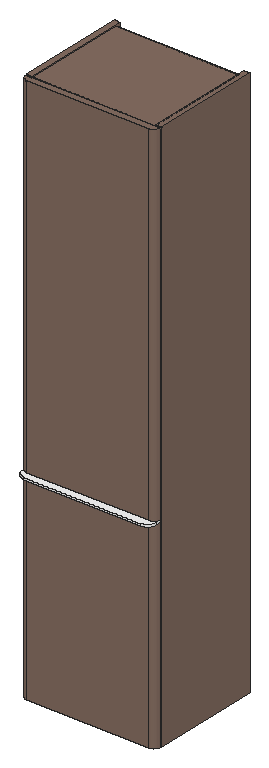
Revit family "tall cabinet, door hinge", category Furniture, Revit 2019
Family settings
  OmniClass Number = 23.21.19.15.33.13
  Work Plane-Based = No
  Always vertical = Yes
  Cut with Voids When Loaded = No
  Shared = Yes
  Room Calculation Point = No
Parameters (values of type "Tall cabinet 400_350, door hinge right-54142700-Dark Walnut-MATT_WHITE-400")
  etim7_EC011381 = "EC011381"
  WEIGHT = "36.9"
  UNSPSC = "56 | Furniture and Furnishings"
  UNIFORMATII = "E2010 | Fixed Furnishings"
  UNICLASS_2015_CODE = "40_30_78_05"
  UNICLASS2015 = "Pr_40_30_78_05 | Bathroom furniture"
  Tall cabinet 400_350, door hinge right-54142700-Dark Walnut-MATT_WHITE-400_RX0RY0RZ0TX0TY0TZ0_V = yes
  Tall cabinet 400_350, door hinge right-54142700-Dark Walnut-MATT_WHITE-200_RX0RY0RZ0TX0TY0TZ0_V = no
  Tall cabinet 400_350, door hinge right-54142670-Dark Walnut-MATT_BLACK-400_RX0RY0RZ0TX0TY0TZ0_V = no
  Tall cabinet 400_350, door hinge right-54142670-Dark Walnut-MATT_BLACK-200_RX0RY0RZ0TX0TY0TZ0_V = no
  Tall cabinet 400_350, door hinge right-54142000-Dark Walnut-CHROME-400_RX0RY0RZ0TX0TY0TZ0_V = no
  Tall cabinet 400_350, door hinge right-54142000-Dark Walnut-CHROME-200_RX0RY0RZ0TX0TY0TZ0_V = no
  Tall cabinet 400_350, door hinge right-54141700-Natural Oak-MATT_WHITE-400_RX0RY0RZ0TX0TY0TZ0_V = no
  Tall cabinet 400_350, door hinge right-54141700-Natural Oak-MATT_WHITE-200_RX0RY0RZ0TX0TY0TZ0_V = no
  Tall cabinet 400_350, door hinge right-54141670-Natural Oak-MATT_BLACK-400_RX0RY0RZ0TX0TY0TZ0_V = no
  Tall cabinet 400_350, door hinge right-54141670-Natural Oak-MATT_BLACK-200_RX0RY0RZ0TX0TY0TZ0_V = no
  Tall cabinet 400_350, door hinge right-54141000-Natural Oak-CHROME-400_RX0RY0RZ0TX0TY0TZ0_V = no
  Tall cabinet 400_350, door hinge right-54141000-Natural Oak-CHROME-200_RX0RY0RZ0TX0TY0TZ0_V = no
  Tall cabinet 400_350, door hinge right-54140700-Diamond Matt Grey-MATT_WHITE-400_RX0RY0RZ0TX0TY0TZ0_V = no
  Tall cabinet 400_350, door hinge right-54140700-Diamond Matt Grey-MATT_WHITE-200_RX0RY0RZ0TX0TY0TZ0_V = no
  Tall cabinet 400_350, door hinge right-54140670-Diamond Matt Grey-MATT_BLACK-400_RX0RY0RZ0TX0TY0TZ0_V = no
  Tall cabinet 400_350, door hinge right-54140670-Diamond Matt Grey-MATT_BLACK-200_RX0RY0RZ0TX0TY0TZ0_V = no
  Tall cabinet 400_350, door hinge right-54140000-Diamond Matt Grey-CHROME-400_RX0RY0RZ0TX0TY0TZ0_V = no
  Tall cabinet 400_350, door hinge right-54140000-Diamond Matt Grey-CHROME-200_RX0RY0RZ0TX0TY0TZ0_V = no
  Tall cabinet 400_350, door hinge right-54139700-High Gloss White-MATT_WHITE-400_RX0RY0RZ0TX0TY0TZ0_V = no
  Tall cabinet 400_350, door hinge right-54139700-High Gloss White-MATT_WHITE-200_RX0RY0RZ0TX0TY0TZ0_V = no
  Tall cabinet 400_350, door hinge right-54139670-High Gloss White-MATT_BLACK-400_RX0RY0RZ0TX0TY0TZ0_V = no
  Tall cabinet 400_350, door hinge right-54139670-High Gloss White-MATT_BLACK-200_RX0RY0RZ0TX0TY0TZ0_V = no
  Tall cabinet 400_350, door hinge right-54139000-High Gloss White-CHROME-400_RX0RY0RZ0TX0TY0TZ0_V = no
  Tall cabinet 400_350, door hinge right-54139000-High Gloss White-CHROME-200_RX0RY0RZ0TX0TY0TZ0_V = no
  Tall cabinet 400_350, door hinge left-54138700-Dark Walnut-MATT_WHITE-400_RX0RY0RZ0TX0TY0TZ0_V = no
  Tall cabinet 400_350, door hinge left-54138700-Dark Walnut-MATT_WHITE-200_RX0RY0RZ0TX0TY0TZ0_V = no
  Tall cabinet 400_350, door hinge left-54138670-Dark Walnut-MATT_BLACK-400_RX0RY0RZ0TX0TY0TZ0_V = no
  Tall cabinet 400_350, door hinge left-54138670-Dark Walnut-MATT_BLACK-200_RX0RY0RZ0TX0TY0TZ0_V = no
  Tall cabinet 400_350, door hinge left-54138000-Dark Walnut-CHROME-400_RX0RY0RZ0TX0TY0TZ0_V = no
  Tall cabinet 400_350, door hinge left-54138000-Dark Walnut-CHROME-200_RX0RY0RZ0TX0TY0TZ0_V = no
  Tall cabinet 400_350, door hinge left-54137700-Natural Oak-MATT_WHITE-400_RX0RY0RZ0TX0TY0TZ0_V = no
  Tall cabinet 400_350, door hinge left-54137700-Natural Oak-MATT_WHITE-200_RX0RY0RZ0TX0TY0TZ0_V = no
  Tall cabinet 400_350, door hinge left-54137670-Natural Oak-MATT_BLACK-400_RX0RY0RZ0TX0TY0TZ0_V = no
  Tall cabinet 400_350, door hinge left-54137670-Natural Oak-MATT_BLACK-200_RX0RY0RZ0TX0TY0TZ0_V = no
  Tall cabinet 400_350, door hinge left-54137000-Natural Oak-CHROME-400_RX0RY0RZ0TX0TY0TZ0_V = no
  Tall cabinet 400_350, door hinge left-54137000-Natural Oak-CHROME-200_RX0RY0RZ0TX0TY0TZ0_V = no
  Tall cabinet 400_350, door hinge left-54136700-Diamond Matt Grey-MATT_WHITE-400_RX0RY0RZ0TX0TY0TZ0_V = no
  Tall cabinet 400_350, door hinge left-54136700-Diamond Matt Grey-MATT_WHITE-200_RX0RY0RZ0TX0TY0TZ0_V = no
  Tall cabinet 400_350, door hinge left-54136670-Diamond Matt Grey-MATT_BLACK-400_RX0RY0RZ0TX0TY0TZ0_V = no
  Tall cabinet 400_350, door hinge left-54136670-Diamond Matt Grey-MATT_BLACK-200_RX0RY0RZ0TX0TY0TZ0_V = no
  Tall cabinet 400_350, door hinge left-54136000-Diamond Matt Grey-CHROME-400_RX0RY0RZ0TX0TY0TZ0_V = no
  Tall cabinet 400_350, door hinge left-54136000-Diamond Matt Grey-CHROME-200_RX0RY0RZ0TX0TY0TZ0_V = no
  Tall cabinet 400_350, door hinge left-54135700-High Gloss White-MATT_WHITE-400_RX0RY0RZ0TX0TY0TZ0_V = no
  Tall cabinet 400_350, door hinge left-54135700-High Gloss White-MATT_WHITE-200_RX0RY0RZ0TX0TY0TZ0_V = no
  Tall cabinet 400_350, door hinge left-54135670-High Gloss White-MATT_BLACK-400_RX0RY0RZ0TX0TY0TZ0_V = no
  Tall cabinet 400_350, door hinge left-54135670-High Gloss White-MATT_BLACK-200_RX0RY0RZ0TX0TY0TZ0_V = no
  Tall cabinet 400_350, door hinge left-54135000-High Gloss White-CHROME-400_RX0RY0RZ0TX0TY0TZ0_V = no
  Tall cabinet 400_350, door hinge left-54135000-High Gloss White-CHROME-200_RX0RY0RZ0TX0TY0TZ0_V = no
  SURFACE = "MATT_WHITE"
  SPECIFICATION = "Surfaces:    - 54141000 Chrome  - 54141670 Matt Black  - 54141700 Matt White      Specification:"
  REGIONSET = "Worldwide"
  PRODUCTURL = "https://pro.hansgrohe.com/articledetail--54141000"
  PRODUCTGROUP = "bathroom vanity"
  PRODUCTFAMILY = "Xelu Q"
  PERMALINK = "54141XXX"
  OMNICLASS = "23-21 19 15 33 13 | Residential Bathroom Specialty Casework"
  OBJECTTYPE = "Object (single object)"
  OBERFLAECHE = "Dark Walnut"
  NN = "Tall cabinet, door hinge"
  NBSYN = "$BASENUMBER.-$ARTNR.-$OBERFLAECHE.-$SURFACE.-$LODLEVEL."
  NB = "Tall cabinet 400/350, door hinge right-54142700-Dark Walnut-MATT_WHITE-400"
  NAME = "Xelu Q Tall cabinet Natural Oak 400/350, door hinge right"
  Model = "Tall cabinet 400/350, door hinge right-54142700-Dark Walnut-MATT_WHITE-400"
  Manufacturer = "Hansgrohe"
  MIdent = "{$CADENAS_DATA/23d-libs/hansgrohe/xelu_furniture/tall_cabinet_door_hinge/tall_cabinet_door_hinge.prj},315 {VTYP=3D},{NB=Tall cabinet 400/350, door hinge right-54142700-Dark Walnut-MATT_WHITE-400},{LINA=Tall cabinet 400/350, door hinge right-54142700-Dark Walnut-MATT_WHITE-400},{NN=Tall cabinet, door hinge},{DATE=08.03.2023 13:45:00},{GEOMDATE=08.03.2023 13:44:17},{VERSION=},{LINEID=240},{WBVAR=LODLEVEL},{WBNUMERIC=}  {NB=Tall cabinet 400/350, door hinge right-54142700-Dark Walnut-MATT_WHITE-400},{LINA=Tall cabinet 400/350, door hinge right-54142700-Dark Walnut-MATT_WHITE-400},{KT=DUMMY},{IDNR=24},{ARTNR=54142700},{BASENUMBER=Tall cabinet 400/350, door hinge right},{MODEL=54142XXX},{OBERFLAECHE=Dark Walnut},{SURFACE=MATT_WHITE},{L=400},{LODLEVEL=400},{LODLEVELX='400','400','200','200'},{NAME=Xelu Q Tall cabinet Natural Oak 400/350, door hinge right},{PERMALINK=54141XXX},{OBJECTTYPE=Object (single object)},{BIMOBJECT=Sanitary: Compound units},{PRODUCTFAMILY=Xelu Q},{PRODUCTGROUP=bathroom vanity},{WEIGHT=36.9},{DESCRIPTION=Xelu Q Tall cabinet Natural Oak 400/350, door hinge right},{SPECIFICATION=Surfaces:    - 54141000 Chrome  - 54141670 Matt Black  - 54141700 Matt White      Specification:},{PRODUCTURL=https://pro.hansgrohe.com/articledetail--54141000},{GTINCODE=4059625458556},{TENDERURL=},{IFC=Furnishing element},{ETIM=EC011381 | Bathroom furniture set},{UNICLASS2015=Pr_40_30_78_05 | Bathroom furniture},{OMNICLASS=23-21 19 15 33 13 | Residential Bathroom Specialty Casework},{MASTERFORMAT=12 35 30.23 | Bathroom Casework},{UNSPSC=56 | Furniture and Furnishings},{UNIFORMATII=E2010 | Fixed Furnishings},{REGIONSET=Worldwide},{DESIGN=Germany},{MANUFACTURER=Germany}"
  MASTERFORMAT = "12 35 30.23 | Bathroom Casework"
  LODLEVEL = "400"
  LINA = "Tall cabinet 400/350, door hinge right-54142700-Dark Walnut-MATT_WHITE-400"
  L = 400
  IFC = "Furnishing element"
  GTINCODE = "4059625458556"
  ETIM = "EC011381 | Bathroom furniture set"
  DESIGN = "Germany"
  CATALOG = "Hansgrohe"
  BIMOBJECT = "Sanitary: Compound units"
  BASENUMBER = "Tall cabinet 400/350, door hinge right"
  ARTNR = "54142700"
Reference planes
  plane 1 "Center (Front/Back)": y = 0
  plane 2: z = 0
  plane 3 "Center (Left/Right)": x = 0
Dimensions and locks
  aligned and locked: level to plane 2
Nested families
  nested 1: "tall cabinet 400_350, door hinge left-54135000-high gloss white-chrome-200_content" at (0, 0, 0), visible <- "Tall cabinet 400_350, door hinge left-54135000-High Gloss White-CHROME-200_RX0RY0RZ0TX0TY0TZ0_V", ContentVisible <- "Tall cabinet 400_350, door hinge left-54135000-High Gloss White-CHROME-200_RX0RY0RZ0TX0TY0TZ0_V", type ""
    with ContentVisible no
  nested 2: "tall cabinet 400_350, door hinge left-54135000-high gloss white-chrome-400_content" at (0, 0, 0), visible <- "Tall cabinet 400_350, door hinge left-54135000-High Gloss White-CHROME-400_RX0RY0RZ0TX0TY0TZ0_V", ContentVisible <- "Tall cabinet 400_350, door hinge left-54135000-High Gloss White-CHROME-400_RX0RY0RZ0TX0TY0TZ0_V", type ""
    with ContentVisible no
  nested 3: "tall cabinet 400_350, door hinge left-54135670-high gloss white-matt_black-200_content" at (0, 0, 0), visible <- "Tall cabinet 400_350, door hinge left-54135670-High Gloss White-MATT_BLACK-200_RX0RY0RZ0TX0TY0TZ0_V", ContentVisible <- "Tall cabinet 400_350, door hinge left-54135670-High Gloss White-MATT_BLACK-200_RX0RY0RZ0TX0TY0TZ0_V", type ""
    with ContentVisible no
  nested 4: "tall cabinet 400_350, door hinge left-54135670-high gloss white-matt_black-400_content" at (0, 0, 0), visible <- "Tall cabinet 400_350, door hinge left-54135670-High Gloss White-MATT_BLACK-400_RX0RY0RZ0TX0TY0TZ0_V", ContentVisible <- "Tall cabinet 400_350, door hinge left-54135670-High Gloss White-MATT_BLACK-400_RX0RY0RZ0TX0TY0TZ0_V", type ""
    with ContentVisible no
  nested 5: "tall cabinet 400_350, door hinge left-54135700-high gloss white-matt_white-200_content" at (0, 0, 0), visible <- "Tall cabinet 400_350, door hinge left-54135700-High Gloss White-MATT_WHITE-200_RX0RY0RZ0TX0TY0TZ0_V", ContentVisible <- "Tall cabinet 400_350, door hinge left-54135700-High Gloss White-MATT_WHITE-200_RX0RY0RZ0TX0TY0TZ0_V", type ""
    with ContentVisible no
  nested 6: "tall cabinet 400_350, door hinge left-54135700-high gloss white-matt_white-400_content" at (0, 0, 0), visible <- "Tall cabinet 400_350, door hinge left-54135700-High Gloss White-MATT_WHITE-400_RX0RY0RZ0TX0TY0TZ0_V", ContentVisible <- "Tall cabinet 400_350, door hinge left-54135700-High Gloss White-MATT_WHITE-400_RX0RY0RZ0TX0TY0TZ0_V", type ""
    with ContentVisible no
  nested 7: "tall cabinet 400_350, door hinge left-54136000-diamond matt grey-chrome-200_content" at (0, 0, 0), visible <- "Tall cabinet 400_350, door hinge left-54136000-Diamond Matt Grey-CHROME-200_RX0RY0RZ0TX0TY0TZ0_V", ContentVisible <- "Tall cabinet 400_350, door hinge left-54136000-Diamond Matt Grey-CHROME-200_RX0RY0RZ0TX0TY0TZ0_V", type ""
    with ContentVisible no
  nested 8: "tall cabinet 400_350, door hinge left-54136000-diamond matt grey-chrome-400_content" at (0, 0, 0), visible <- "Tall cabinet 400_350, door hinge left-54136000-Diamond Matt Grey-CHROME-400_RX0RY0RZ0TX0TY0TZ0_V", ContentVisible <- "Tall cabinet 400_350, door hinge left-54136000-Diamond Matt Grey-CHROME-400_RX0RY0RZ0TX0TY0TZ0_V", type ""
    with ContentVisible no
  nested 9: "tall cabinet 400_350, door hinge left-54136670-diamond matt grey-matt_black-200_content" at (0, 0, 0), visible <- "Tall cabinet 400_350, door hinge left-54136670-Diamond Matt Grey-MATT_BLACK-200_RX0RY0RZ0TX0TY0TZ0_V", ContentVisible <- "Tall cabinet 400_350, door hinge left-54136670-Diamond Matt Grey-MATT_BLACK-200_RX0RY0RZ0TX0TY0TZ0_V", type ""
    with ContentVisible no
  nested 10: "tall cabinet 400_350, door hinge left-54136670-diamond matt grey-matt_black-400_content" at (0, 0, 0), visible <- "Tall cabinet 400_350, door hinge left-54136670-Diamond Matt Grey-MATT_BLACK-400_RX0RY0RZ0TX0TY0TZ0_V", ContentVisible <- "Tall cabinet 400_350, door hinge left-54136670-Diamond Matt Grey-MATT_BLACK-400_RX0RY0RZ0TX0TY0TZ0_V", type ""
    with ContentVisible no
  nested 11: "tall cabinet 400_350, door hinge left-54136700-diamond matt grey-matt_white-200_content" at (0, 0, 0), visible <- "Tall cabinet 400_350, door hinge left-54136700-Diamond Matt Grey-MATT_WHITE-200_RX0RY0RZ0TX0TY0TZ0_V", ContentVisible <- "Tall cabinet 400_350, door hinge left-54136700-Diamond Matt Grey-MATT_WHITE-200_RX0RY0RZ0TX0TY0TZ0_V", type ""
    with ContentVisible no
  nested 12: "tall cabinet 400_350, door hinge left-54136700-diamond matt grey-matt_white-400_content" at (0, 0, 0), visible <- "Tall cabinet 400_350, door hinge left-54136700-Diamond Matt Grey-MATT_WHITE-400_RX0RY0RZ0TX0TY0TZ0_V", ContentVisible <- "Tall cabinet 400_350, door hinge left-54136700-Diamond Matt Grey-MATT_WHITE-400_RX0RY0RZ0TX0TY0TZ0_V", type ""
    with ContentVisible no
  nested 13: "tall cabinet 400_350, door hinge left-54137000-natural oak-chrome-200_content" at (0, 0, 0), visible <- "Tall cabinet 400_350, door hinge left-54137000-Natural Oak-CHROME-200_RX0RY0RZ0TX0TY0TZ0_V", ContentVisible <- "Tall cabinet 400_350, door hinge left-54137000-Natural Oak-CHROME-200_RX0RY0RZ0TX0TY0TZ0_V", type ""
    with ContentVisible no
  nested 14: "tall cabinet 400_350, door hinge left-54137000-natural oak-chrome-400_content" at (0, 0, 0), visible <- "Tall cabinet 400_350, door hinge left-54137000-Natural Oak-CHROME-400_RX0RY0RZ0TX0TY0TZ0_V", ContentVisible <- "Tall cabinet 400_350, door hinge left-54137000-Natural Oak-CHROME-400_RX0RY0RZ0TX0TY0TZ0_V", type ""
    with ContentVisible no
  nested 15: "tall cabinet 400_350, door hinge left-54137670-natural oak-matt_black-200_content" at (0, 0, 0), visible <- "Tall cabinet 400_350, door hinge left-54137670-Natural Oak-MATT_BLACK-200_RX0RY0RZ0TX0TY0TZ0_V", ContentVisible <- "Tall cabinet 400_350, door hinge left-54137670-Natural Oak-MATT_BLACK-200_RX0RY0RZ0TX0TY0TZ0_V", type ""
    with ContentVisible no
  nested 16: "tall cabinet 400_350, door hinge left-54137670-natural oak-matt_black-400_content" at (0, 0, 0), visible <- "Tall cabinet 400_350, door hinge left-54137670-Natural Oak-MATT_BLACK-400_RX0RY0RZ0TX0TY0TZ0_V", ContentVisible <- "Tall cabinet 400_350, door hinge left-54137670-Natural Oak-MATT_BLACK-400_RX0RY0RZ0TX0TY0TZ0_V", type ""
    with ContentVisible no
  nested 17: "tall cabinet 400_350, door hinge left-54137700-natural oak-matt_white-200_content" at (0, 0, 0), visible <- "Tall cabinet 400_350, door hinge left-54137700-Natural Oak-MATT_WHITE-200_RX0RY0RZ0TX0TY0TZ0_V", ContentVisible <- "Tall cabinet 400_350, door hinge left-54137700-Natural Oak-MATT_WHITE-200_RX0RY0RZ0TX0TY0TZ0_V", type ""
    with ContentVisible no
  nested 18: "tall cabinet 400_350, door hinge left-54137700-natural oak-matt_white-400_content" at (0, 0, 0), visible <- "Tall cabinet 400_350, door hinge left-54137700-Natural Oak-MATT_WHITE-400_RX0RY0RZ0TX0TY0TZ0_V", ContentVisible <- "Tall cabinet 400_350, door hinge left-54137700-Natural Oak-MATT_WHITE-400_RX0RY0RZ0TX0TY0TZ0_V", type ""
    with ContentVisible no
  nested 19: "tall cabinet 400_350, door hinge left-54138000-dark walnut-chrome-200_content" at (0, 0, 0), visible <- "Tall cabinet 400_350, door hinge left-54138000-Dark Walnut-CHROME-200_RX0RY0RZ0TX0TY0TZ0_V", ContentVisible <- "Tall cabinet 400_350, door hinge left-54138000-Dark Walnut-CHROME-200_RX0RY0RZ0TX0TY0TZ0_V", type ""
    with ContentVisible no
  nested 20: "tall cabinet 400_350, door hinge left-54138000-dark walnut-chrome-400_content" at (0, 0, 0), visible <- "Tall cabinet 400_350, door hinge left-54138000-Dark Walnut-CHROME-400_RX0RY0RZ0TX0TY0TZ0_V", ContentVisible <- "Tall cabinet 400_350, door hinge left-54138000-Dark Walnut-CHROME-400_RX0RY0RZ0TX0TY0TZ0_V", type ""
    with ContentVisible no
  nested 21: "tall cabinet 400_350, door hinge left-54138670-dark walnut-matt_black-200_content" at (0, 0, 0), visible <- "Tall cabinet 400_350, door hinge left-54138670-Dark Walnut-MATT_BLACK-200_RX0RY0RZ0TX0TY0TZ0_V", ContentVisible <- "Tall cabinet 400_350, door hinge left-54138670-Dark Walnut-MATT_BLACK-200_RX0RY0RZ0TX0TY0TZ0_V", type ""
    with ContentVisible no
  nested 22: "tall cabinet 400_350, door hinge left-54138670-dark walnut-matt_black-400_content" at (0, 0, 0), visible <- "Tall cabinet 400_350, door hinge left-54138670-Dark Walnut-MATT_BLACK-400_RX0RY0RZ0TX0TY0TZ0_V", ContentVisible <- "Tall cabinet 400_350, door hinge left-54138670-Dark Walnut-MATT_BLACK-400_RX0RY0RZ0TX0TY0TZ0_V", type ""
    with ContentVisible no
  nested 23: "tall cabinet 400_350, door hinge left-54138700-dark walnut-matt_white-200_content" at (0, 0, 0), visible <- "Tall cabinet 400_350, door hinge left-54138700-Dark Walnut-MATT_WHITE-200_RX0RY0RZ0TX0TY0TZ0_V", ContentVisible <- "Tall cabinet 400_350, door hinge left-54138700-Dark Walnut-MATT_WHITE-200_RX0RY0RZ0TX0TY0TZ0_V", type ""
    with ContentVisible no
  nested 24: "tall cabinet 400_350, door hinge left-54138700-dark walnut-matt_white-400_content" at (0, 0, 0), visible <- "Tall cabinet 400_350, door hinge left-54138700-Dark Walnut-MATT_WHITE-400_RX0RY0RZ0TX0TY0TZ0_V", ContentVisible <- "Tall cabinet 400_350, door hinge left-54138700-Dark Walnut-MATT_WHITE-400_RX0RY0RZ0TX0TY0TZ0_V", type ""
    with ContentVisible no
  nested 25: "tall cabinet 400_350, door hinge right-54139000-high gloss white-chrome-200_content" at (0, 0, 0), visible <- "Tall cabinet 400_350, door hinge right-54139000-High Gloss White-CHROME-200_RX0RY0RZ0TX0TY0TZ0_V", ContentVisible <- "Tall cabinet 400_350, door hinge right-54139000-High Gloss White-CHROME-200_RX0RY0RZ0TX0TY0TZ0_V", type ""
    with ContentVisible no
  nested 26: "tall cabinet 400_350, door hinge right-54139000-high gloss white-chrome-400_content" at (0, 0, 0), visible <- "Tall cabinet 400_350, door hinge right-54139000-High Gloss White-CHROME-400_RX0RY0RZ0TX0TY0TZ0_V", ContentVisible <- "Tall cabinet 400_350, door hinge right-54139000-High Gloss White-CHROME-400_RX0RY0RZ0TX0TY0TZ0_V", type ""
    with ContentVisible no
  nested 27: "tall cabinet 400_350, door hinge right-54139670-high gloss white-matt_black-200_content" at (0, 0, 0), visible <- "Tall cabinet 400_350, door hinge right-54139670-High Gloss White-MATT_BLACK-200_RX0RY0RZ0TX0TY0TZ0_V", ContentVisible <- "Tall cabinet 400_350, door hinge right-54139670-High Gloss White-MATT_BLACK-200_RX0RY0RZ0TX0TY0TZ0_V", type ""
    with ContentVisible no
  nested 28: "tall cabinet 400_350, door hinge right-54139670-high gloss white-matt_black-400_content" at (0, 0, 0), visible <- "Tall cabinet 400_350, door hinge right-54139670-High Gloss White-MATT_BLACK-400_RX0RY0RZ0TX0TY0TZ0_V", ContentVisible <- "Tall cabinet 400_350, door hinge right-54139670-High Gloss White-MATT_BLACK-400_RX0RY0RZ0TX0TY0TZ0_V", type ""
    with ContentVisible no
  nested 29: "tall cabinet 400_350, door hinge right-54139700-high gloss white-matt_white-200_content" at (0, 0, 0), visible <- "Tall cabinet 400_350, door hinge right-54139700-High Gloss White-MATT_WHITE-200_RX0RY0RZ0TX0TY0TZ0_V", ContentVisible <- "Tall cabinet 400_350, door hinge right-54139700-High Gloss White-MATT_WHITE-200_RX0RY0RZ0TX0TY0TZ0_V", type ""
    with ContentVisible no
  nested 30: "tall cabinet 400_350, door hinge right-54139700-high gloss white-matt_white-400_content" at (0, 0, 0), visible <- "Tall cabinet 400_350, door hinge right-54139700-High Gloss White-MATT_WHITE-400_RX0RY0RZ0TX0TY0TZ0_V", ContentVisible <- "Tall cabinet 400_350, door hinge right-54139700-High Gloss White-MATT_WHITE-400_RX0RY0RZ0TX0TY0TZ0_V", type ""
    with ContentVisible no
  nested 31: "tall cabinet 400_350, door hinge right-54140000-diamond matt grey-chrome-200_content" at (0, 0, 0), visible <- "Tall cabinet 400_350, door hinge right-54140000-Diamond Matt Grey-CHROME-200_RX0RY0RZ0TX0TY0TZ0_V", ContentVisible <- "Tall cabinet 400_350, door hinge right-54140000-Diamond Matt Grey-CHROME-200_RX0RY0RZ0TX0TY0TZ0_V", type ""
    with ContentVisible no
  nested 32: "tall cabinet 400_350, door hinge right-54140000-diamond matt grey-chrome-400_content" at (0, 0, 0), visible <- "Tall cabinet 400_350, door hinge right-54140000-Diamond Matt Grey-CHROME-400_RX0RY0RZ0TX0TY0TZ0_V", ContentVisible <- "Tall cabinet 400_350, door hinge right-54140000-Diamond Matt Grey-CHROME-400_RX0RY0RZ0TX0TY0TZ0_V", type ""
    with ContentVisible no
  nested 33: "tall cabinet 400_350, door hinge right-54140670-diamond matt grey-matt_black-200_content" at (0, 0, 0), visible <- "Tall cabinet 400_350, door hinge right-54140670-Diamond Matt Grey-MATT_BLACK-200_RX0RY0RZ0TX0TY0TZ0_V", ContentVisible <- "Tall cabinet 400_350, door hinge right-54140670-Diamond Matt Grey-MATT_BLACK-200_RX0RY0RZ0TX0TY0TZ0_V", type ""
    with ContentVisible no
  nested 34: "tall cabinet 400_350, door hinge right-54140670-diamond matt grey-matt_black-400_content" at (0, 0, 0), visible <- "Tall cabinet 400_350, door hinge right-54140670-Diamond Matt Grey-MATT_BLACK-400_RX0RY0RZ0TX0TY0TZ0_V", ContentVisible <- "Tall cabinet 400_350, door hinge right-54140670-Diamond Matt Grey-MATT_BLACK-400_RX0RY0RZ0TX0TY0TZ0_V", type ""
    with ContentVisible no
  nested 35: "tall cabinet 400_350, door hinge right-54140700-diamond matt grey-matt_white-200_content" at (0, 0, 0), visible <- "Tall cabinet 400_350, door hinge right-54140700-Diamond Matt Grey-MATT_WHITE-200_RX0RY0RZ0TX0TY0TZ0_V", ContentVisible <- "Tall cabinet 400_350, door hinge right-54140700-Diamond Matt Grey-MATT_WHITE-200_RX0RY0RZ0TX0TY0TZ0_V", type ""
    with ContentVisible no
  nested 36: "tall cabinet 400_350, door hinge right-54140700-diamond matt grey-matt_white-400_content" at (0, 0, 0), visible <- "Tall cabinet 400_350, door hinge right-54140700-Diamond Matt Grey-MATT_WHITE-400_RX0RY0RZ0TX0TY0TZ0_V", ContentVisible <- "Tall cabinet 400_350, door hinge right-54140700-Diamond Matt Grey-MATT_WHITE-400_RX0RY0RZ0TX0TY0TZ0_V", type ""
    with ContentVisible no
  nested 37: "tall cabinet 400_350, door hinge right-54141000-natural oak-chrome-200_content" at (0, 0, 0), visible <- "Tall cabinet 400_350, door hinge right-54141000-Natural Oak-CHROME-200_RX0RY0RZ0TX0TY0TZ0_V", ContentVisible <- "Tall cabinet 400_350, door hinge right-54141000-Natural Oak-CHROME-200_RX0RY0RZ0TX0TY0TZ0_V", type ""
    with ContentVisible no
  nested 38: "tall cabinet 400_350, door hinge right-54141000-natural oak-chrome-400_content" at (0, 0, 0), visible <- "Tall cabinet 400_350, door hinge right-54141000-Natural Oak-CHROME-400_RX0RY0RZ0TX0TY0TZ0_V", ContentVisible <- "Tall cabinet 400_350, door hinge right-54141000-Natural Oak-CHROME-400_RX0RY0RZ0TX0TY0TZ0_V", type ""
    with ContentVisible no
  nested 39: "tall cabinet 400_350, door hinge right-54141670-natural oak-matt_black-200_content" at (0, 0, 0), visible <- "Tall cabinet 400_350, door hinge right-54141670-Natural Oak-MATT_BLACK-200_RX0RY0RZ0TX0TY0TZ0_V", ContentVisible <- "Tall cabinet 400_350, door hinge right-54141670-Natural Oak-MATT_BLACK-200_RX0RY0RZ0TX0TY0TZ0_V", type ""
    with ContentVisible no
  nested 40: "tall cabinet 400_350, door hinge right-54141670-natural oak-matt_black-400_content" at (0, 0, 0), visible <- "Tall cabinet 400_350, door hinge right-54141670-Natural Oak-MATT_BLACK-400_RX0RY0RZ0TX0TY0TZ0_V", ContentVisible <- "Tall cabinet 400_350, door hinge right-54141670-Natural Oak-MATT_BLACK-400_RX0RY0RZ0TX0TY0TZ0_V", type ""
    with ContentVisible no
  nested 41: "tall cabinet 400_350, door hinge right-54141700-natural oak-matt_white-200_content" at (0, 0, 0), visible <- "Tall cabinet 400_350, door hinge right-54141700-Natural Oak-MATT_WHITE-200_RX0RY0RZ0TX0TY0TZ0_V", ContentVisible <- "Tall cabinet 400_350, door hinge right-54141700-Natural Oak-MATT_WHITE-200_RX0RY0RZ0TX0TY0TZ0_V", type ""
    with ContentVisible no
  nested 42: "tall cabinet 400_350, door hinge right-54141700-natural oak-matt_white-400_content" at (0, 0, 0), visible <- "Tall cabinet 400_350, door hinge right-54141700-Natural Oak-MATT_WHITE-400_RX0RY0RZ0TX0TY0TZ0_V", ContentVisible <- "Tall cabinet 400_350, door hinge right-54141700-Natural Oak-MATT_WHITE-400_RX0RY0RZ0TX0TY0TZ0_V", type ""
    with ContentVisible no
  nested 43: "tall cabinet 400_350, door hinge right-54142000-dark walnut-chrome-200_content" at (0, 0, 0), visible <- "Tall cabinet 400_350, door hinge right-54142000-Dark Walnut-CHROME-200_RX0RY0RZ0TX0TY0TZ0_V", ContentVisible <- "Tall cabinet 400_350, door hinge right-54142000-Dark Walnut-CHROME-200_RX0RY0RZ0TX0TY0TZ0_V", type ""
    with ContentVisible no
  nested 44: "tall cabinet 400_350, door hinge right-54142000-dark walnut-chrome-400_content" at (0, 0, 0), visible <- "Tall cabinet 400_350, door hinge right-54142000-Dark Walnut-CHROME-400_RX0RY0RZ0TX0TY0TZ0_V", ContentVisible <- "Tall cabinet 400_350, door hinge right-54142000-Dark Walnut-CHROME-400_RX0RY0RZ0TX0TY0TZ0_V", type ""
    with ContentVisible no
  nested 45: "tall cabinet 400_350, door hinge right-54142670-dark walnut-matt_black-200_content" at (0, 0, 0), visible <- "Tall cabinet 400_350, door hinge right-54142670-Dark Walnut-MATT_BLACK-200_RX0RY0RZ0TX0TY0TZ0_V", ContentVisible <- "Tall cabinet 400_350, door hinge right-54142670-Dark Walnut-MATT_BLACK-200_RX0RY0RZ0TX0TY0TZ0_V", type ""
    with ContentVisible no
  nested 46: "tall cabinet 400_350, door hinge right-54142670-dark walnut-matt_black-400_content" at (0, 0, 0), visible <- "Tall cabinet 400_350, door hinge right-54142670-Dark Walnut-MATT_BLACK-400_RX0RY0RZ0TX0TY0TZ0_V", ContentVisible <- "Tall cabinet 400_350, door hinge right-54142670-Dark Walnut-MATT_BLACK-400_RX0RY0RZ0TX0TY0TZ0_V", type ""
    with ContentVisible no
  nested 47: "tall cabinet 400_350, door hinge right-54142700-dark walnut-matt_white-200_content" at (0, 0, 0), visible <- "Tall cabinet 400_350, door hinge right-54142700-Dark Walnut-MATT_WHITE-200_RX0RY0RZ0TX0TY0TZ0_V", ContentVisible <- "Tall cabinet 400_350, door hinge right-54142700-Dark Walnut-MATT_WHITE-200_RX0RY0RZ0TX0TY0TZ0_V", type ""
    with ContentVisible no
  nested 48: "tall cabinet 400_350, door hinge right-54142700-dark walnut-matt_white-400_content" at (0, 0, 0), visible <- "Tall cabinet 400_350, door hinge right-54142700-Dark Walnut-MATT_WHITE-400_RX0RY0RZ0TX0TY0TZ0_V", ContentVisible <- "Tall cabinet 400_350, door hinge right-54142700-Dark Walnut-MATT_WHITE-400_RX0RY0RZ0TX0TY0TZ0_V", type "Tall cabinet 400_350, door hinge right-54142700-Dark Walnut-MATT_WHITE-400_Content"
    with ContentVisible yes
Definition of nested family "tall cabinet 400_350, door hinge right-54142700-dark walnut-matt_white-400_content"
  Parameters (values of type "Tall cabinet 400_350, door hinge right-54142700-Dark Walnut-MATT_WHITE-400_Content")
    etim7_EC011381 = "EC011381"
    WEIGHT = "36.9"
    UNSPSC = "56 | Furniture and Furnishings"
    UNIFORMATII = "E2010 | Fixed Furnishings"
    UNICLASS_2015_CODE = "40_30_78_05"
    UNICLASS2015 = "Pr_40_30_78_05 | Bathroom furniture"
    SURFACE = "MATT_WHITE"
    SPECIFICATION = "Surfaces:    - 54141000 Chrome  - 54141670 Matt Black  - 54141700 Matt White      Specification:"
    REGIONSET = "Worldwide"
    PRODUCTURL = "https://pro.hansgrohe.com/articledetail--54141000"
    PRODUCTGROUP = "bathroom vanity"
    PRODUCTFAMILY = "Xelu Q"
    PERMALINK = "54141XXX"
    OMNICLASS = "23-21 19 15 33 13 | Residential Bathroom Specialty Casework"
    OBJECTTYPE = "Object (single object)"
    OBERFLAECHE = "Dark Walnut"
    NN = "Tall cabinet, door hinge"
    NBSYN = "$BASENUMBER.-$ARTNR.-$OBERFLAECHE.-$SURFACE.-$LODLEVEL."
    NB = "Tall cabinet 400/350, door hinge right-54142700-Dark Walnut-MATT_WHITE-400"
    NAME = "Xelu Q Tall cabinet Natural Oak 400/350, door hinge right"
    Model = "Tall cabinet 400/350, door hinge right-54142700-Dark Walnut-MATT_WHITE-400"
    Manufacturer = "Hansgrohe"
    MASTERFORMAT = "12 35 30.23 | Bathroom Casework"
    LODLEVEL = "400"
    LINA = "Tall cabinet 400/350, door hinge right-54142700-Dark Walnut-MATT_WHITE-400"
    L = 400
    IFC = "Furnishing element"
    GTINCODE = "4059625458556"
    ETIM = "EC011381 | Bathroom furniture set"
    Default Elevation = 1219.2 mm
    DESIGN = "Germany"
    ContentVisible [instance] = yes
    CATALOG = "Hansgrohe"
    BIMOBJECT = "Sanitary: Compound units"
    BASENUMBER = "Tall cabinet 400/350, door hinge right"
    ARTNR = "54142700"
  Reference planes
    plane 1 "Center (Front/Back)": y = 0
    plane 2: z = 0
    plane 3 "Center (Left/Right)": x = 0
  Forms (mm)
    Extrusion 1, solid, visible <- "ContentVisible", detail levels medium+fine
      sketch origin (0, 0, 0) x (1, 0, 0) y (0, 1, 0)
        loop
          line (-200, 0) -> (-200, -325)
          arc (-200, -325) -> (-199.121, -327.121) -> (-197, -328) r 3
          line (-197, -328) -> (-184, -328) -> (-184, 0) -> (-200, 0)
      from 0 to 1650
    Extrusion 2, solid, visible <- "ContentVisible", detail levels medium+fine
      sketch origin (0, 0, 0) x (1, 0, 0) y (0, 1, 0)
        loop
          line (-184, -20) -> (-184, -327) -> (184, -327) -> (184, -20) -> (-184, -20)
      from 0 to 1649
    Extrusion 3, solid, visible <- "ContentVisible", detail levels medium+fine
      sketch origin (0, 0, 0) x (1, 0, 0) y (0, 1, 0)
        loop
          line (184, 0) -> (184, -328) -> (197, -328)
          arc (197, -328) -> (199.121, -327.121) -> (200, -325) r 3
          line (200, -325) -> (200, 0) -> (184, 0)
      from 0 to 1650
    Extrusion 4, solid, visible <- "ContentVisible", detail levels medium+fine
      sketch origin (0, 0, 2) x (1, 0, 0) y (0, 1, 0)
        loop
          line (-184, -16) -> (-184, -20) -> (184, -20) -> (184, -16) -> (-184, -16)
      from 0 to 1646
    Extrusion 5, solid, visible <- "ContentVisible", detail levels medium+fine
      sketch origin (0, 0, 2) x (1, 0, 0) y (0, 1, 0)
        loop
          arc (-200, -330) -> (-194.435, -343.435) -> (-181, -349) r 19
          line (-181, -349) -> (181, -349)
          arc (181, -349) -> (194.435, -343.435) -> (200, -330) r 19
          line (200, -330) -> (200, -328) -> (-200, -328) -> (-200, -330)
      from 0 to 597
    Extrusion 6, solid, visible <- "ContentVisible", detail levels medium+fine
      sketch origin (0, 0, 599) x (1, 0, 0) y (0, 1, 0)
        loop
          line (-198.5, -328) -> (-198.5, -344)
          arc (-198.5, -344) -> (-191.178, -361.678) -> (-173.5, -369) r 25
          line (-173.5, -369) -> (173.5, -369)
          arc (173.5, -369) -> (191.178, -361.678) -> (198.5, -344) r 25
          line (198.5, -344) -> (198.5, -328) -> (178.5, -328) -> (178.5, -326.5) -> (-178.5, -326.5) -> (-178.5, -328) -> (-198.5, -328)
      from 0 to 5
    Extrusion 7, solid, visible <- "ContentVisible", detail levels medium+fine
      sketch origin (0, 0, 607) x (1, 0, 0) y (0, 1, 0)
        loop
          arc (-200, -330) -> (-194.435, -343.435) -> (-181, -349) r 19
          line (-181, -349) -> (181, -349)
          arc (181, -349) -> (194.435, -343.435) -> (200, -330) r 19
          line (200, -330) -> (200, -328) -> (-200, -328) -> (-200, -330)
      from 0 to 1041
    Extrusion 8, solid, visible <- "ContentVisible", detail levels coarse
      sketch origin (0, -184.5, 0) x (1, 0, 0) y (0, 1, 0)
        loop
          line (-200, -184.5) -> (200, -184.5) -> (200, 184.5) -> (-200, 184.5) -> (-200, -184.5)
      from 0 to 1650
  Dimensions and locks
    aligned and locked: level to plane 2
Definition of nested family "tall cabinet 400_350, door hinge left-54135000-high gloss white-chrome-200_content"
  Parameters (values of type "Tall cabinet 400_350, door hinge left-54135000-High Gloss White-CHROME-200_Content")
    etim7_EC011381 = "EC011381"
    WEIGHT = "36.9"
    UNSPSC = "56 | Furniture and Furnishings"
    UNIFORMATII = "E2010 | Fixed Furnishings"
    UNICLASS_2015_CODE = "40_30_78_05"
    UNICLASS2015 = "Pr_40_30_78_05 | Bathroom furniture"
    SURFACE = "CHROME"
    SPECIFICATION = "Surfaces:    - 54135000 Chrome  - 54135670 Matt Black  - 54135700 Matt White      Specification:    • door hinge: left   • with integrated handle bar  • opening type: door   • material handles: aluminium"
    REGIONSET = "Worldwide"
    PRODUCTURL = "https://pro.hansgrohe.com/articledetail--54135000"
    PRODUCTGROUP = "bathroom vanity"
    PRODUCTFAMILY = "Xelu Q"
    PERMALINK = "54135XXX"
    OMNICLASS = "23-21 19 15 33 13 | Residential Bathroom Specialty Casework"
    OBJECTTYPE = "Object (single object)"
    OBERFLAECHE = "High Gloss White"
    NN = "Tall cabinet, door hinge"
    NBSYN = "$BASENUMBER.-$ARTNR.-$OBERFLAECHE.-$SURFACE.-$LODLEVEL."
    NB = "Tall cabinet 400/350, door hinge left-54135000-High Gloss White-CHROME-200"
    NAME = "Xelu Q Tall cabinet High Gloss White 400/350, door hinge left"
    Model = "Tall cabinet 400/350, door hinge left-54135000-High Gloss White-CHROME-200"
    Manufacturer = "Hansgrohe"
    MASTERFORMAT = "12 35 30.23 | Bathroom Casework"
    LODLEVEL = "200"
    LINA = "Tall cabinet 400/350, door hinge left-54135000-High Gloss White-CHROME-200"
    L = 400
    IFC = "Furnishing element"
    GTINCODE = "4059625458334"
    ETIM = "EC011381 | Bathroom furniture set"
    Default Elevation = 1219.2 mm
    DESIGN = "Germany"
    ContentVisible [instance] = yes
    CATALOG = "Hansgrohe"
    BIMOBJECT = "Sanitary: Compound units"
    BASENUMBER = "Tall cabinet 400/350, door hinge left"
    ARTNR = "54135000"
  Reference planes
    plane 1 "Center (Front/Back)": y = 0
    plane 2: z = 0
    plane 3 "Center (Left/Right)": x = 0
  Forms (mm)
    Extrusion 1, solid, visible <- "ContentVisible", detail levels medium+fine
      sketch origin (0, 0, 0) x (1, 0, 0) y (0, 1, 0)
        loop
          line (-200, 0) -> (-200, -349) -> (200, -349) -> (200, 0) -> (-200, 0)
      from 0 to 1650
    Extrusion 2, solid, visible <- "ContentVisible", detail levels medium+fine
      sketch origin (0, 0, 599) x (1, 0, 0) y (0, 1, 0)
        loop
          line (-198.5, -328) -> (-198.5, -369) -> (198.5, -369) -> (198.5, -328) -> (178.5, -328) -> (178.5, -326.5) -> (-178.5, -326.5) -> (-178.5, -328) -> (-198.5, -328)
      from 0 to 5
    Extrusion 3, solid, visible <- "ContentVisible", detail levels coarse
      sketch origin (0, -184.5, 0) x (1, 0, 0) y (0, 1, 0)
        loop
          line (-200, -184.5) -> (200, -184.5) -> (200, 184.5) -> (-200, 184.5) -> (-200, -184.5)
      from 0 to 1650
  Dimensions and locks
    aligned and locked: level to plane 2
Definition of nested family "tall cabinet 400_350, door hinge left-54135000-high gloss white-chrome-400_content"
  Parameters (values of type "Tall cabinet 400_350, door hinge left-54135000-High Gloss White-CHROME-400_Content")
    etim7_EC011381 = "EC011381"
    WEIGHT = "36.9"
    UNSPSC = "56 | Furniture and Furnishings"
    UNIFORMATII = "E2010 | Fixed Furnishings"
    UNICLASS_2015_CODE = "40_30_78_05"
    UNICLASS2015 = "Pr_40_30_78_05 | Bathroom furniture"
    SURFACE = "CHROME"
    SPECIFICATION = "Surfaces:    - 54135000 Chrome  - 54135670 Matt Black  - 54135700 Matt White      Specification:    • door hinge: left   • with integrated handle bar  • opening type: door   • material handles: aluminium"
    REGIONSET = "Worldwide"
    PRODUCTURL = "https://pro.hansgrohe.com/articledetail--54135000"
    PRODUCTGROUP = "bathroom vanity"
    PRODUCTFAMILY = "Xelu Q"
    PERMALINK = "54135XXX"
    OMNICLASS = "23-21 19 15 33 13 | Residential Bathroom Specialty Casework"
    OBJECTTYPE = "Object (single object)"
    OBERFLAECHE = "High Gloss White"
    NN = "Tall cabinet, door hinge"
    NBSYN = "$BASENUMBER.-$ARTNR.-$OBERFLAECHE.-$SURFACE.-$LODLEVEL."
    NB = "Tall cabinet 400/350, door hinge left-54135000-High Gloss White-CHROME-400"
    NAME = "Xelu Q Tall cabinet High Gloss White 400/350, door hinge left"
    Model = "Tall cabinet 400/350, door hinge left-54135000-High Gloss White-CHROME-400"
    Manufacturer = "Hansgrohe"
    MASTERFORMAT = "12 35 30.23 | Bathroom Casework"
    LODLEVEL = "400"
    LINA = "Tall cabinet 400/350, door hinge left-54135000-High Gloss White-CHROME-400"
    L = 400
    IFC = "Furnishing element"
    GTINCODE = "4059625458334"
    ETIM = "EC011381 | Bathroom furniture set"
    Default Elevation = 1219.2 mm
    DESIGN = "Germany"
    ContentVisible [instance] = yes
    CATALOG = "Hansgrohe"
    BIMOBJECT = "Sanitary: Compound units"
    BASENUMBER = "Tall cabinet 400/350, door hinge left"
    ARTNR = "54135000"
  Reference planes
    plane 1 "Center (Front/Back)": y = 0
    plane 2: z = 0
    plane 3 "Center (Left/Right)": x = 0
  Forms (mm)
    Extrusion 1, solid, visible <- "ContentVisible", detail levels medium+fine
      sketch origin (0, 0, 0) x (1, 0, 0) y (0, 1, 0)
        loop
          line (-200, 0) -> (-200, -325)
          arc (-200, -325) -> (-199.121, -327.121) -> (-197, -328) r 3
          line (-197, -328) -> (-184, -328) -> (-184, 0) -> (-200, 0)
      from 0 to 1650
    Extrusion 2, solid, visible <- "ContentVisible", detail levels medium+fine
      sketch origin (0, 0, 0) x (1, 0, 0) y (0, 1, 0)
        loop
          line (-184, -20) -> (-184, -327) -> (184, -327) -> (184, -20) -> (-184, -20)
      from 0 to 1649
    Extrusion 3, solid, visible <- "ContentVisible", detail levels medium+fine
      sketch origin (0, 0, 0) x (1, 0, 0) y (0, 1, 0)
        loop
          line (184, 0) -> (184, -328) -> (197, -328)
          arc (197, -328) -> (199.121, -327.121) -> (200, -325) r 3
          line (200, -325) -> (200, 0) -> (184, 0)
      from 0 to 1650
    Extrusion 4, solid, visible <- "ContentVisible", detail levels medium+fine
      sketch origin (0, 0, 2) x (1, 0, 0) y (0, 1, 0)
        loop
          line (-184, -16) -> (-184, -20) -> (184, -20) -> (184, -16) -> (-184, -16)
      from 0 to 1646
    Extrusion 5, solid, visible <- "ContentVisible", detail levels medium+fine
      sketch origin (0, 0, 2) x (1, 0, 0) y (0, 1, 0)
        loop
          arc (-200, -330) -> (-194.435, -343.435) -> (-181, -349) r 19
          line (-181, -349) -> (181, -349)
          arc (181, -349) -> (194.435, -343.435) -> (200, -330) r 19
          line (200, -330) -> (200, -328) -> (-200, -328) -> (-200, -330)
      from 0 to 597
    Extrusion 6, solid, visible <- "ContentVisible", detail levels medium+fine
      sketch origin (0, 0, 599) x (1, 0, 0) y (0, 1, 0)
        loop
          line (-198.5, -328) -> (-198.5, -344)
          arc (-198.5, -344) -> (-191.178, -361.678) -> (-173.5, -369) r 25
          line (-173.5, -369) -> (173.5, -369)
          arc (173.5, -369) -> (191.178, -361.678) -> (198.5, -344) r 25
          line (198.5, -344) -> (198.5, -328) -> (178.5, -328) -> (178.5, -326.5) -> (-178.5, -326.5) -> (-178.5, -328) -> (-198.5, -328)
      from 0 to 5
    Extrusion 7, solid, visible <- "ContentVisible", detail levels medium+fine
      sketch origin (0, 0, 607) x (1, 0, 0) y (0, 1, 0)
        loop
          arc (-200, -330) -> (-194.435, -343.435) -> (-181, -349) r 19
          line (-181, -349) -> (181, -349)
          arc (181, -349) -> (194.435, -343.435) -> (200, -330) r 19
          line (200, -330) -> (200, -328) -> (-200, -328) -> (-200, -330)
      from 0 to 1041
    Extrusion 8, solid, visible <- "ContentVisible", detail levels coarse
      sketch origin (0, -184.5, 0) x (1, 0, 0) y (0, 1, 0)
        loop
          line (-200, -184.5) -> (200, -184.5) -> (200, 184.5) -> (-200, 184.5) -> (-200, -184.5)
      from 0 to 1650
  Dimensions and locks
    aligned and locked: level to plane 2
Definition of nested family "tall cabinet 400_350, door hinge left-54135670-high gloss white-matt_black-200_content"
  Parameters (values of type "Tall cabinet 400_350, door hinge left-54135670-High Gloss White-MATT_BLACK-200_Content")
    etim7_EC011381 = "EC011381"
    WEIGHT = "36.9"
    UNSPSC = "56 | Furniture and Furnishings"
    UNIFORMATII = "E2010 | Fixed Furnishings"
    UNICLASS_2015_CODE = "40_30_78_05"
    UNICLASS2015 = "Pr_40_30_78_05 | Bathroom furniture"
    SURFACE = "MATT_BLACK"
    SPECIFICATION = "Surfaces:    - 54135000 Chrome  - 54135670 Matt Black  - 54135700 Matt White      Specification:    • door hinge: left   • with integrated handle bar  • opening type: door   • material handles: aluminium"
    REGIONSET = "Worldwide"
    PRODUCTURL = "https://pro.hansgrohe.com/articledetail--54135000"
    PRODUCTGROUP = "bathroom vanity"
    PRODUCTFAMILY = "Xelu Q"
    PERMALINK = "54135XXX"
    OMNICLASS = "23-21 19 15 33 13 | Residential Bathroom Specialty Casework"
    OBJECTTYPE = "Object (single object)"
    OBERFLAECHE = "High Gloss White"
    NN = "Tall cabinet, door hinge"
    NBSYN = "$BASENUMBER.-$ARTNR.-$OBERFLAECHE.-$SURFACE.-$LODLEVEL."
    NB = "Tall cabinet 400/350, door hinge left-54135670-High Gloss White-MATT_BLACK-200"
    NAME = "Xelu Q Tall cabinet High Gloss White 400/350, door hinge left"
    Model = "Tall cabinet 400/350, door hinge left-54135670-High Gloss White-MATT_BLACK-200"
    Manufacturer = "Hansgrohe"
    MASTERFORMAT = "12 35 30.23 | Bathroom Casework"
    LODLEVEL = "200"
    LINA = "Tall cabinet 400/350, door hinge left-54135670-High Gloss White-MATT_BLACK-200"
    L = 400
    IFC = "Furnishing element"
    GTINCODE = "4059625458334"
    ETIM = "EC011381 | Bathroom furniture set"
    Default Elevation = 1219.2 mm
    DESIGN = "Germany"
    ContentVisible [instance] = yes
    CATALOG = "Hansgrohe"
    BIMOBJECT = "Sanitary: Compound units"
    BASENUMBER = "Tall cabinet 400/350, door hinge left"
    ARTNR = "54135670"
  Reference planes
    plane 1 "Center (Front/Back)": y = 0
    plane 2: z = 0
    plane 3 "Center (Left/Right)": x = 0
  Forms (mm)
    Extrusion 1, solid, visible <- "ContentVisible", detail levels medium+fine
      sketch origin (0, 0, 0) x (1, 0, 0) y (0, 1, 0)
        loop
          line (-200, 0) -> (-200, -349) -> (200, -349) -> (200, 0) -> (-200, 0)
      from 0 to 1650
    Extrusion 2, solid, visible <- "ContentVisible", detail levels medium+fine
      sketch origin (0, 0, 599) x (1, 0, 0) y (0, 1, 0)
        loop
          line (-198.5, -328) -> (-198.5, -369) -> (198.5, -369) -> (198.5, -328) -> (178.5, -328) -> (178.5, -326.5) -> (-178.5, -326.5) -> (-178.5, -328) -> (-198.5, -328)
      from 0 to 5
    Extrusion 3, solid, visible <- "ContentVisible", detail levels coarse
      sketch origin (0, -184.5, 0) x (1, 0, 0) y (0, 1, 0)
        loop
          line (-200, -184.5) -> (200, -184.5) -> (200, 184.5) -> (-200, 184.5) -> (-200, -184.5)
      from 0 to 1650
  Dimensions and locks
    aligned and locked: level to plane 2
Definition of nested family "tall cabinet 400_350, door hinge left-54135670-high gloss white-matt_black-400_content"
  Parameters (values of type "Tall cabinet 400_350, door hinge left-54135670-High Gloss White-MATT_BLACK-400_Content")
    etim7_EC011381 = "EC011381"
    WEIGHT = "36.9"
    UNSPSC = "56 | Furniture and Furnishings"
    UNIFORMATII = "E2010 | Fixed Furnishings"
    UNICLASS_2015_CODE = "40_30_78_05"
    UNICLASS2015 = "Pr_40_30_78_05 | Bathroom furniture"
    SURFACE = "MATT_BLACK"
    SPECIFICATION = "Surfaces:    - 54135000 Chrome  - 54135670 Matt Black  - 54135700 Matt White      Specification:    • door hinge: left   • with integrated handle bar  • opening type: door   • material handles: aluminium"
    REGIONSET = "Worldwide"
    PRODUCTURL = "https://pro.hansgrohe.com/articledetail--54135000"
    PRODUCTGROUP = "bathroom vanity"
    PRODUCTFAMILY = "Xelu Q"
    PERMALINK = "54135XXX"
    OMNICLASS = "23-21 19 15 33 13 | Residential Bathroom Specialty Casework"
    OBJECTTYPE = "Object (single object)"
    OBERFLAECHE = "High Gloss White"
    NN = "Tall cabinet, door hinge"
    NBSYN = "$BASENUMBER.-$ARTNR.-$OBERFLAECHE.-$SURFACE.-$LODLEVEL."
    NB = "Tall cabinet 400/350, door hinge left-54135670-High Gloss White-MATT_BLACK-400"
    NAME = "Xelu Q Tall cabinet High Gloss White 400/350, door hinge left"
    Model = "Tall cabinet 400/350, door hinge left-54135670-High Gloss White-MATT_BLACK-400"
    Manufacturer = "Hansgrohe"
    MASTERFORMAT = "12 35 30.23 | Bathroom Casework"
    LODLEVEL = "400"
    LINA = "Tall cabinet 400/350, door hinge left-54135670-High Gloss White-MATT_BLACK-400"
    L = 400
    IFC = "Furnishing element"
    GTINCODE = "4059625458334"
    ETIM = "EC011381 | Bathroom furniture set"
    Default Elevation = 1219.2 mm
    DESIGN = "Germany"
    ContentVisible [instance] = yes
    CATALOG = "Hansgrohe"
    BIMOBJECT = "Sanitary: Compound units"
    BASENUMBER = "Tall cabinet 400/350, door hinge left"
    ARTNR = "54135670"
  Reference planes
    plane 1 "Center (Front/Back)": y = 0
    plane 2: z = 0
    plane 3 "Center (Left/Right)": x = 0
  Forms (mm)
    Extrusion 1, solid, visible <- "ContentVisible", detail levels medium+fine
      sketch origin (0, 0, 0) x (1, 0, 0) y (0, 1, 0)
        loop
          line (-200, 0) -> (-200, -325)
          arc (-200, -325) -> (-199.121, -327.121) -> (-197, -328) r 3
          line (-197, -328) -> (-184, -328) -> (-184, 0) -> (-200, 0)
      from 0 to 1650
    Extrusion 2, solid, visible <- "ContentVisible", detail levels medium+fine
      sketch origin (0, 0, 0) x (1, 0, 0) y (0, 1, 0)
        loop
          line (-184, -20) -> (-184, -327) -> (184, -327) -> (184, -20) -> (-184, -20)
      from 0 to 1649
    Extrusion 3, solid, visible <- "ContentVisible", detail levels medium+fine
      sketch origin (0, 0, 0) x (1, 0, 0) y (0, 1, 0)
        loop
          line (184, 0) -> (184, -328) -> (197, -328)
          arc (197, -328) -> (199.121, -327.121) -> (200, -325) r 3
          line (200, -325) -> (200, 0) -> (184, 0)
      from 0 to 1650
    Extrusion 4, solid, visible <- "ContentVisible", detail levels medium+fine
      sketch origin (0, 0, 2) x (1, 0, 0) y (0, 1, 0)
        loop
          line (-184, -16) -> (-184, -20) -> (184, -20) -> (184, -16) -> (-184, -16)
      from 0 to 1646
    Extrusion 5, solid, visible <- "ContentVisible", detail levels medium+fine
      sketch origin (0, 0, 2) x (1, 0, 0) y (0, 1, 0)
        loop
          arc (-200, -330) -> (-194.435, -343.435) -> (-181, -349) r 19
          line (-181, -349) -> (181, -349)
          arc (181, -349) -> (194.435, -343.435) -> (200, -330) r 19
          line (200, -330) -> (200, -328) -> (-200, -328) -> (-200, -330)
      from 0 to 597
    Extrusion 6, solid, visible <- "ContentVisible", detail levels medium+fine
      sketch origin (0, 0, 599) x (1, 0, 0) y (0, 1, 0)
        loop
          line (-198.5, -328) -> (-198.5, -344)
          arc (-198.5, -344) -> (-191.178, -361.678) -> (-173.5, -369) r 25
          line (-173.5, -369) -> (173.5, -369)
          arc (173.5, -369) -> (191.178, -361.678) -> (198.5, -344) r 25
          line (198.5, -344) -> (198.5, -328) -> (178.5, -328) -> (178.5, -326.5) -> (-178.5, -326.5) -> (-178.5, -328) -> (-198.5, -328)
      from 0 to 5
    Extrusion 7, solid, visible <- "ContentVisible", detail levels medium+fine
      sketch origin (0, 0, 607) x (1, 0, 0) y (0, 1, 0)
        loop
          arc (-200, -330) -> (-194.435, -343.435) -> (-181, -349) r 19
          line (-181, -349) -> (181, -349)
          arc (181, -349) -> (194.435, -343.435) -> (200, -330) r 19
          line (200, -330) -> (200, -328) -> (-200, -328) -> (-200, -330)
      from 0 to 1041
    Extrusion 8, solid, visible <- "ContentVisible", detail levels coarse
      sketch origin (0, -184.5, 0) x (1, 0, 0) y (0, 1, 0)
        loop
          line (-200, -184.5) -> (200, -184.5) -> (200, 184.5) -> (-200, 184.5) -> (-200, -184.5)
      from 0 to 1650
  Dimensions and locks
    aligned and locked: level to plane 2
Definition of nested family "tall cabinet 400_350, door hinge left-54135700-high gloss white-matt_white-200_content"
  Parameters (values of type "Tall cabinet 400_350, door hinge left-54135700-High Gloss White-MATT_WHITE-200_Content")
    etim7_EC011381 = "EC011381"
    WEIGHT = "36.9"
    UNSPSC = "56 | Furniture and Furnishings"
    UNIFORMATII = "E2010 | Fixed Furnishings"
    UNICLASS_2015_CODE = "40_30_78_05"
    UNICLASS2015 = "Pr_40_30_78_05 | Bathroom furniture"
    SURFACE = "MATT_WHITE"
    SPECIFICATION = "Surfaces:    - 54135000 Chrome  - 54135670 Matt Black  - 54135700 Matt White      Specification:    • door hinge: left   • with integrated handle bar  • opening type: door   • material handles: aluminium"
    REGIONSET = "Worldwide"
    PRODUCTURL = "https://pro.hansgrohe.com/articledetail--54135000"
    PRODUCTGROUP = "bathroom vanity"
    PRODUCTFAMILY = "Xelu Q"
    PERMALINK = "54135XXX"
    OMNICLASS = "23-21 19 15 33 13 | Residential Bathroom Specialty Casework"
    OBJECTTYPE = "Object (single object)"
    OBERFLAECHE = "High Gloss White"
    NN = "Tall cabinet, door hinge"
    NBSYN = "$BASENUMBER.-$ARTNR.-$OBERFLAECHE.-$SURFACE.-$LODLEVEL."
    NB = "Tall cabinet 400/350, door hinge left-54135700-High Gloss White-MATT_WHITE-200"
    NAME = "Xelu Q Tall cabinet High Gloss White 400/350, door hinge left"
    Model = "Tall cabinet 400/350, door hinge left-54135700-High Gloss White-MATT_WHITE-200"
    Manufacturer = "Hansgrohe"
    MASTERFORMAT = "12 35 30.23 | Bathroom Casework"
    LODLEVEL = "200"
    LINA = "Tall cabinet 400/350, door hinge left-54135700-High Gloss White-MATT_WHITE-200"
    L = 400
    IFC = "Furnishing element"
    GTINCODE = "4059625458334"
    ETIM = "EC011381 | Bathroom furniture set"
    Default Elevation = 1219.2 mm
    DESIGN = "Germany"
    ContentVisible [instance] = yes
    CATALOG = "Hansgrohe"
    BIMOBJECT = "Sanitary: Compound units"
    BASENUMBER = "Tall cabinet 400/350, door hinge left"
    ARTNR = "54135700"
  Reference planes
    plane 1 "Center (Front/Back)": y = 0
    plane 2: z = 0
    plane 3 "Center (Left/Right)": x = 0
  Forms (mm)
    Extrusion 1, solid, visible <- "ContentVisible", detail levels medium+fine
      sketch origin (0, 0, 0) x (1, 0, 0) y (0, 1, 0)
        loop
          line (-200, 0) -> (-200, -349) -> (200, -349) -> (200, 0) -> (-200, 0)
      from 0 to 1650
    Extrusion 2, solid, visible <- "ContentVisible", detail levels medium+fine
      sketch origin (0, 0, 599) x (1, 0, 0) y (0, 1, 0)
        loop
          line (-198.5, -328) -> (-198.5, -369) -> (198.5, -369) -> (198.5, -328) -> (178.5, -328) -> (178.5, -326.5) -> (-178.5, -326.5) -> (-178.5, -328) -> (-198.5, -328)
      from 0 to 5
    Extrusion 3, solid, visible <- "ContentVisible", detail levels coarse
      sketch origin (0, -184.5, 0) x (1, 0, 0) y (0, 1, 0)
        loop
          line (-200, -184.5) -> (200, -184.5) -> (200, 184.5) -> (-200, 184.5) -> (-200, -184.5)
      from 0 to 1650
  Dimensions and locks
    aligned and locked: level to plane 2
Definition of nested family "tall cabinet 400_350, door hinge left-54135700-high gloss white-matt_white-400_content"
  Parameters (values of type "Tall cabinet 400_350, door hinge left-54135700-High Gloss White-MATT_WHITE-400_Content")
    etim7_EC011381 = "EC011381"
    WEIGHT = "36.9"
    UNSPSC = "56 | Furniture and Furnishings"
    UNIFORMATII = "E2010 | Fixed Furnishings"
    UNICLASS_2015_CODE = "40_30_78_05"
    UNICLASS2015 = "Pr_40_30_78_05 | Bathroom furniture"
    SURFACE = "MATT_WHITE"
    SPECIFICATION = "Surfaces:    - 54135000 Chrome  - 54135670 Matt Black  - 54135700 Matt White      Specification:    • door hinge: left   • with integrated handle bar  • opening type: door   • material handles: aluminium"
    REGIONSET = "Worldwide"
    PRODUCTURL = "https://pro.hansgrohe.com/articledetail--54135000"
    PRODUCTGROUP = "bathroom vanity"
    PRODUCTFAMILY = "Xelu Q"
    PERMALINK = "54135XXX"
    OMNICLASS = "23-21 19 15 33 13 | Residential Bathroom Specialty Casework"
    OBJECTTYPE = "Object (single object)"
    OBERFLAECHE = "High Gloss White"
    NN = "Tall cabinet, door hinge"
    NBSYN = "$BASENUMBER.-$ARTNR.-$OBERFLAECHE.-$SURFACE.-$LODLEVEL."
    NB = "Tall cabinet 400/350, door hinge left-54135700-High Gloss White-MATT_WHITE-400"
    NAME = "Xelu Q Tall cabinet High Gloss White 400/350, door hinge left"
    Model = "Tall cabinet 400/350, door hinge left-54135700-High Gloss White-MATT_WHITE-400"
    Manufacturer = "Hansgrohe"
    MASTERFORMAT = "12 35 30.23 | Bathroom Casework"
    LODLEVEL = "400"
    LINA = "Tall cabinet 400/350, door hinge left-54135700-High Gloss White-MATT_WHITE-400"
    L = 400
    IFC = "Furnishing element"
    GTINCODE = "4059625458334"
    ETIM = "EC011381 | Bathroom furniture set"
    Default Elevation = 1219.2 mm
    DESIGN = "Germany"
    ContentVisible [instance] = yes
    CATALOG = "Hansgrohe"
    BIMOBJECT = "Sanitary: Compound units"
    BASENUMBER = "Tall cabinet 400/350, door hinge left"
    ARTNR = "54135700"
  Reference planes
    plane 1 "Center (Front/Back)": y = 0
    plane 2: z = 0
    plane 3 "Center (Left/Right)": x = 0
  Forms (mm)
    Extrusion 1, solid, visible <- "ContentVisible", detail levels medium+fine
      sketch origin (0, 0, 0) x (1, 0, 0) y (0, 1, 0)
        loop
          line (-200, 0) -> (-200, -325)
          arc (-200, -325) -> (-199.121, -327.121) -> (-197, -328) r 3
          line (-197, -328) -> (-184, -328) -> (-184, 0) -> (-200, 0)
      from 0 to 1650
    Extrusion 2, solid, visible <- "ContentVisible", detail levels medium+fine
      sketch origin (0, 0, 0) x (1, 0, 0) y (0, 1, 0)
        loop
          line (-184, -20) -> (-184, -327) -> (184, -327) -> (184, -20) -> (-184, -20)
      from 0 to 1649
    Extrusion 3, solid, visible <- "ContentVisible", detail levels medium+fine
      sketch origin (0, 0, 0) x (1, 0, 0) y (0, 1, 0)
        loop
          line (184, 0) -> (184, -328) -> (197, -328)
          arc (197, -328) -> (199.121, -327.121) -> (200, -325) r 3
          line (200, -325) -> (200, 0) -> (184, 0)
      from 0 to 1650
    Extrusion 4, solid, visible <- "ContentVisible", detail levels medium+fine
      sketch origin (0, 0, 2) x (1, 0, 0) y (0, 1, 0)
        loop
          line (-184, -16) -> (-184, -20) -> (184, -20) -> (184, -16) -> (-184, -16)
      from 0 to 1646
    Extrusion 5, solid, visible <- "ContentVisible", detail levels medium+fine
      sketch origin (0, 0, 2) x (1, 0, 0) y (0, 1, 0)
        loop
          arc (-200, -330) -> (-194.435, -343.435) -> (-181, -349) r 19
          line (-181, -349) -> (181, -349)
          arc (181, -349) -> (194.435, -343.435) -> (200, -330) r 19
          line (200, -330) -> (200, -328) -> (-200, -328) -> (-200, -330)
      from 0 to 597
    Extrusion 6, solid, visible <- "ContentVisible", detail levels medium+fine
      sketch origin (0, 0, 599) x (1, 0, 0) y (0, 1, 0)
        loop
          line (-198.5, -328) -> (-198.5, -344)
          arc (-198.5, -344) -> (-191.178, -361.678) -> (-173.5, -369) r 25
          line (-173.5, -369) -> (173.5, -369)
          arc (173.5, -369) -> (191.178, -361.678) -> (198.5, -344) r 25
          line (198.5, -344) -> (198.5, -328) -> (178.5, -328) -> (178.5, -326.5) -> (-178.5, -326.5) -> (-178.5, -328) -> (-198.5, -328)
      from 0 to 5
    Extrusion 7, solid, visible <- "ContentVisible", detail levels medium+fine
      sketch origin (0, 0, 607) x (1, 0, 0) y (0, 1, 0)
        loop
          arc (-200, -330) -> (-194.435, -343.435) -> (-181, -349) r 19
          line (-181, -349) -> (181, -349)
          arc (181, -349) -> (194.435, -343.435) -> (200, -330) r 19
          line (200, -330) -> (200, -328) -> (-200, -328) -> (-200, -330)
      from 0 to 1041
    Extrusion 8, solid, visible <- "ContentVisible", detail levels coarse
      sketch origin (0, -184.5, 0) x (1, 0, 0) y (0, 1, 0)
        loop
          line (-200, -184.5) -> (200, -184.5) -> (200, 184.5) -> (-200, 184.5) -> (-200, -184.5)
      from 0 to 1650
  Dimensions and locks
    aligned and locked: level to plane 2
Definition of nested family "tall cabinet 400_350, door hinge left-54136000-diamond matt grey-chrome-200_content"
  Parameters (values of type "Tall cabinet 400_350, door hinge left-54136000-Diamond Matt Grey-CHROME-200_Content")
    etim7_EC011381 = "EC011381"
    WEIGHT = "36.9"
    UNSPSC = "56 | Furniture and Furnishings"
    UNIFORMATII = "E2010 | Fixed Furnishings"
    UNICLASS_2015_CODE = "40_30_78_05"
    UNICLASS2015 = "Pr_40_30_78_05 | Bathroom furniture"
    SURFACE = "CHROME"
    SPECIFICATION = "Surfaces:    - 54136000 Chrome  - 54136670 Matt Black  - 54136700 Matt White      Specification:"
    REGIONSET = "Worldwide"
    PRODUCTURL = "https://pro.hansgrohe.com/articledetail--54136000"
    PRODUCTGROUP = "bathroom vanity"
    PRODUCTFAMILY = "Xelu Q"
    PERMALINK = "54136XXX"
    OMNICLASS = "23-21 19 15 33 13 | Residential Bathroom Specialty Casework"
    OBJECTTYPE = "Object (single object)"
    OBERFLAECHE = "Diamond Matt Grey"
    NN = "Tall cabinet, door hinge"
    NBSYN = "$BASENUMBER.-$ARTNR.-$OBERFLAECHE.-$SURFACE.-$LODLEVEL."
    NB = "Tall cabinet 400/350, door hinge left-54136000-Diamond Matt Grey-CHROME-200"
